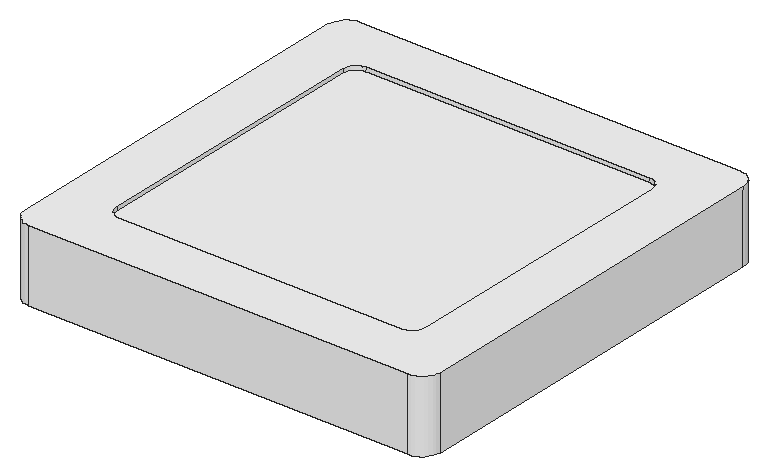
Revit family "0053323 Feilo Sylvania Lighting Fixture SYLFLAT SURFACE DIM 1400 SQ 4000K", category Lighting Fixtures, host Face, Revit 2016
Family settings
  Host = Face
  Part Type = Normal
  Round Connector Dimension = Use Diameter
  OmniClass Number = 23.80.70.00
  OmniClass Title = Lighting
  Cut with Voids When Loaded = No
  Light Source = Yes
  Shared = No
  Room Calculation Point = No
Parameters (values of type "0053323 SYLFLAT SURFACE DIM 1400 SQ 4000K")
  Width_FEILO = 226 mm
  WidthDiffuser_FEILO = if(Square_FEILO, 168 mm, Width_FEILO / 1.3294)  # 168 mm
  Weight = "8.57 kg"
  Wattage Comments = ""
  Wattage = 18 W
  WarrantyStartDate [instance] = "n/a"
  WarrantyGuarantorParts = "n/a"
  WarrantyDurationUnit = "n/a"
  WarrantyDurationParts = "n/a"
  WarrantyDescription = "n/a"
  built-in parameter 1150110 = 1 (stored number, unit not read)
  Voltage = 230 V
  URL = "http://www.feilosylvania.com"
  TypeName = "SYLFLAT SURFACE DIM 1400 SQ 4000K"
  Type Image = <None>
  Type Comments = "n/a"
  built-in parameter 1114217 = 1 (stored number, unit not read)
  Tilt Angle = -90.00°
  built-in parameter 1150109 = 1 (stored number, unit not read)
  built-in parameter 1150134 = 12
  built-in parameter 1150113 = 1 (stored number, unit not read)
  Square_FEILO = yes
  SerialNumber [instance] = "n/a"
  Round_FEILO = not(Square_FEILO)  # no
  RadiusSquare_FEILO = 10 mm
  RadiusDiffuser_FEILO = 7 mm
  Photometric Web File = "0053323.ies"
  Material_3_FEILO = none
  PowerFactor = 0.9
  PowerConsumption = "18 W"
  NominalLength = 226 mm
  NominalHeight = 39 mm
  NominalDepth = 226 mm
  Name = "SYLFLAT SURFACE DIM 1400 SQ 4000K"
  ModelReference = Name  # "SYLFLAT SURFACE DIM 1400 SQ 4000K"
  ModelNumber = "0053323"
  Model = Name  # "SYLFLAT SURFACE DIM 1400 SQ 4000K"
  Material = "aluminium housing, polystyrene diffuser"
  ManufacturerName = "Feilo Sylvania"
  Manufacturer = "Feilo Sylvania"
  LuminousEfficacy = "85 lm/W"
  built-in parameter 1150105 = 537.5 (stored number, unit not read)
  Lumens = 1530 lm
  LuminaireType = ""
  built-in parameter 1150115 = 1 (stored number, unit not read)
  LightOutputRatio = "n/a"
  built-in parameter 1150137 = (empty or 0)
  built-in parameter 1150139 = (empty or 0)
  LampsType = Lamp  # "LED"
  LampNominalLuminous = "1400 lm"
  LampMacAdamStep = "n/a"
  LampColourTemperature = "4000 K"
  LampColourRenderingIndex = "80"
  built-in parameter 1150112 = 1 (stored number, unit not read)
  built-in parameter 1150114 = 1 (stored number, unit not read)
  Lamp = "LED"
  Keynote = "16500"
  InstallationDate [instance] = "n/a"
  InputVoltage = "220-240V~"
  InputNominalFrequency = "50/60 Hz"
  built-in parameter 1150132 = (empty or 0)
  built-in parameter 1150102 = (empty or 0)
  built-in parameter 1150107 = 4000 (stored number, unit not read)
  built-in parameter 1150138 = (empty or 0)
  IngressProtection = "IP20"
  ImpactProtectionIndex = "IK06"
  built-in parameter 1150106 = 5.375 (stored number, unit not read)
  IfcExportType = "IfcLightFixtureType"
  IfcExportAs = "IfcLightFixtureType"
  ExpectedLife = 50000
  Emit from Circle Diameter = WidthDiffuser_FEILO  # 168 mm
  Emit Shape Visible in Rendering = no
  ElectricShockClassification = "Class II"
  built-in parameter 1150104 = 7.8968 (stored number, unit not read)
  DurationUnit = "hours"
  DocumentationLiterature = "http://www.feilosylvania.com/product/en-int/products/0053323"
  DimmingControlOptions = "Dimmable"
  Material_2_FEILO = LED-Sylvania-SylflatSurface
  Dimming Lamp Color Temperature Shift = <None>
  Description = "Integrated LED surface mounted downlight providing 1530 fixture lumens at a wattage of 18W giving a high efficacy of 85lm/W. Fitting includes Leading/Trailing edge phase dimmable driver and has a square outer dimmension of of 226x226x39mm with an IP20 and IK02 rating providing uniform distribution with an Opal diffuser and 110° beam angle. Provided including a Loop in Loop out box and built with a white aluminium housing."
  Default Elevation = 1219.2 mm
  CreatedOn = "2/15/2018"
  CreatedBy = "aron.fodor@feilosylvania.com"
  Cost = 0
  Color Filter = 16777215
  built-in parameter 1114216 [instance] = (empty or 0)
  ClassificationValue = "EF_70_80"
  ClassificationName = "Uniclass2015"
  Material_1_FEILO = Body-Sylvania-SylflatSurface-White
  BarCode [instance] = "n/a"
  built-in parameter 1114218 = 1 (stored number, unit not read)
  built-in parameter 1150133 = 10 (stored number, unit not read)
  AssetType = "Fixed"
  AssetIdentifier [instance] = "n/a"
  Assembly Code = "D5020200"
  Apparent Load = 18 VA
  Material_4_FEILO = none
Reference planes
  plane 1 "Center (Front/Back)": y = 0
  plane 2: z = 0
  plane 3 "Center (Left/Right)": x = 0
  plane 4: x = 113
  plane 5: x = -113
  plane 6: y = 113
  plane 7: y = -113
  plane 8: x = -103
  plane 9: y = 103
  plane 10: x = 103
  plane 11: y = -103
  plane 12: y = 84
  plane 13: y = -84
  plane 14: x = 84
  plane 15: x = -84
  plane 16: x = -77
  plane 17: y = 77
  plane 18: x = 77
  plane 19: y = -77
  plane 20: z = 39
  plane 21: x = -112
  plane 22: z = 38
  plane 23: z = 37
  plane 24: x = -85
Forms (mm)
  Revolve 1, solid, material "Body-Sylvania-SylflatSurface-White" <- "Material_1_FEILO", visible <- "Round_FEILO"
    sketch origin (0, 0, 0) x (1, 0, 0) y (0, 0, 1)
      loop
        line (0, 0) -> (0, 37) -> (-84, 37) -> (-84, 38)
        arc (-84, 38) -> (-84.293, 38.707) -> (-85, 39) r 1
        line (-85, 39) -> (-112, 39)
        arc (-112, 39) -> (-112.707, 38.707) -> (-113, 38) r 1
        line (-113, 38) -> (-113, 0) -> (0, 0)
      axis (0, 39) -> (0, 0)
    angle from 360 to 0
  Extrusion 2, solid, material "Body-Sylvania-SylflatSurface-White" <- "Material_1_FEILO", visible <- "Square_FEILO"
    sketch origin (0, 0, 0) x (1, 0, 0) y (0, 1, 0)
      loop
        arc (-113, -103) -> (-110.071, -110.071) -> (-103, -113) r 10
        line (-103, -113) -> (103, -113)
        arc (103, -113) -> (110.071, -110.071) -> (113, -103) r 10
        line (113, -103) -> (113, 103)
        arc (113, 103) -> (110.071, 110.071) -> (103, 113) r 10
        line (103, 113) -> (-103, 113)
        arc (-103, 113) -> (-110.071, 110.071) -> (-113, 103) r 10
        line (-113, 103) -> (-113, -103)
      loop
        arc (-77, 84) -> (-81.95, 81.95) -> (-84, 77) r 7
        line (-84, 77) -> (-84, -77)
        arc (-84, -77) -> (-81.95, -81.95) -> (-77, -84) r 7
        line (-77, -84) -> (77, -84)
        arc (77, -84) -> (81.95, -81.95) -> (84, -77) r 7
        line (84, -77) -> (84, 77)
        arc (84, 77) -> (81.95, 81.95) -> (77, 84) r 7
        line (77, 84) -> (-77, 84)
    from 0 to 39
  Extrusion 3, solid, material "Body-Sylvania-SylflatSurface-White" <- "Material_1_FEILO", visible <- "Square_FEILO"
    sketch origin (0, 0, 0) x (1, 0, 0) y (0, 1, 0)
      loop
        arc (-77, 84) -> (-81.95, 81.95) -> (-84, 77) r 7
        line (-84, 77) -> (-84, -77)
        arc (-84, -77) -> (-81.95, -81.95) -> (-77, -84) r 7
        line (-77, -84) -> (77, -84)
        arc (77, -84) -> (81.95, -81.95) -> (84, -77) r 7
        line (84, -77) -> (84, 77)
        arc (84, 77) -> (81.95, 81.95) -> (77, 84) r 7
        line (77, 84) -> (-77, 84)
    from 0 to 37
Cuts and joins
  joined: Extrusion 2, Extrusion 3
Dimensions and locks
  equal spacing: plane 5, plane 3 "Center (Left/Right)", plane 4
  equal spacing: plane 7, plane 1 "Center (Front/Back)", plane 6
  "Width_FEILO": plane 7 to plane 6
  "Width_FEILO": plane 5 to plane 4
  equal spacing: plane 11, plane 1 "Center (Front/Back)", plane 9
  "RadiusSquare_FEILO": plane 9 to plane 6
  equal spacing: plane 8, plane 3 "Center (Left/Right)", plane 10
  "RadiusSquare_FEILO": plane 5 to plane 8
  equal spacing: plane 15, plane 3 "Center (Left/Right)", plane 14
  equal spacing: plane 13, plane 1 "Center (Front/Back)", plane 12
  "WidthDiffuser_FEILO": plane 13 to plane 12
  "WidthDiffuser_FEILO": plane 15 to plane 14
  equal spacing: plane 16, plane 3 "Center (Left/Right)", plane 18
  equal spacing: plane 19, plane 1 "Center (Front/Back)", plane 17
  "RadiusDiffuser_FEILO": plane 17 to plane 12
  "RadiusDiffuser_FEILO": plane 15 to plane 16
  locked: plane 20 to plane 2 at 39
  locked: plane 20 to plane 22 at 1
  locked: plane 21 to plane 5 at 1
  locked: plane 20 to plane 23 at 2
  locked: plane 15 to plane 24 at 1
  aligned and locked: plane 2 to host face
  aligned and locked: level to host face
  aligned and locked: Revolve 1 sketch curve to plane 3 "Center (Left/Right)"
  aligned and locked: Revolve 1 sketch curve to Revolve 1 sketch curve
  aligned and locked: Revolve 1 sketch curve to plane 20
  aligned and locked: Revolve 1 sketch curve to plane 5
  aligned and locked: Revolve 1 sketch curve to level
  aligned and locked: plane 23 to Revolve 1 sketch curve
  aligned and locked: plane 21 to Revolve 1 sketch curve
  aligned and locked: plane 20 to Revolve 1 sketch curve
  aligned and locked: plane 22 to Revolve 1 sketch curve  (x2)
  aligned and locked: plane 15 to Revolve 1 sketch curve
  aligned and locked: plane 24 to Revolve 1 sketch curve
  aligned and locked: plane 11 to Extrusion 2 sketch curve  (x3)
  aligned and locked: plane 5 to Extrusion 2 sketch curve  (x2)
  aligned and locked: plane 8 to Extrusion 2 sketch curve  (x4)
  aligned and locked: plane 7 to Extrusion 2 sketch curve
  aligned and locked: plane 4 to Extrusion 2 sketch curve  (x2)
  aligned and locked: plane 10 to Extrusion 2 sketch curve  (x4)
  aligned and locked: Extrusion 2 sketch curve to plane 6
  aligned and locked: plane 9 to Extrusion 2 sketch curve  (x3)
  aligned and locked: Extrusion 2 to level
  aligned and locked: Extrusion 2 to plane 20
  aligned and locked: plane 16 to Extrusion 2 sketch curve  (x3)
  aligned and locked: plane 12 to Extrusion 2 sketch curve  (x2)
  aligned and locked: plane 14 to Extrusion 2 sketch curve
  aligned and locked: plane 15 to Extrusion 2 sketch curve
  aligned and locked: plane 18 to Extrusion 2 sketch curve  (x4)
  aligned and locked: plane 17 to Extrusion 2 sketch curve  (x4)
  aligned and locked: plane 19 to Extrusion 2 sketch curve  (x4)
  aligned and locked: plane 13 to Extrusion 2 sketch curve
  aligned and locked: Extrusion 3 sketch curve to Extrusion 2  (x4)
  aligned and locked: Extrusion 3 to level
  aligned and locked: Extrusion 3 to plane 23
  aligned and locked: plane 3 "Center (Left/Right)" to imposter light
  aligned and locked: imposter light to plane 1 "Center (Front/Back)"
  aligned and locked: imposter light to plane 23
Automatic sketch dimensions
  host sketch curve to host sketch curve = 2438.4 mm  (x2)
  Revolve 1 sketch curve to plane 3 "Center (Left/Right)" = 0 mm
  Revolve 1 sketch curve to level = 609.6 mm
  Revolve 1 sketch curve to plane 20 = 2570.058 mm
Connectors
  electrical at (0, 0, 0), driven by "Apparent Load", driven by "PowerFactor", driven by "Voltage"
    settings: index 1, voltage 230 V, apparent load 18 VA, apparent load phase1 0 VA, apparent load phase2 0 VA, apparent load phase3 0 VA, power factor 0.9, load classification "Lighting", number of poles 1, system type 30, power factor state 1, is connector primary yes, connector utility no, sub classification motor no, connector description ""
